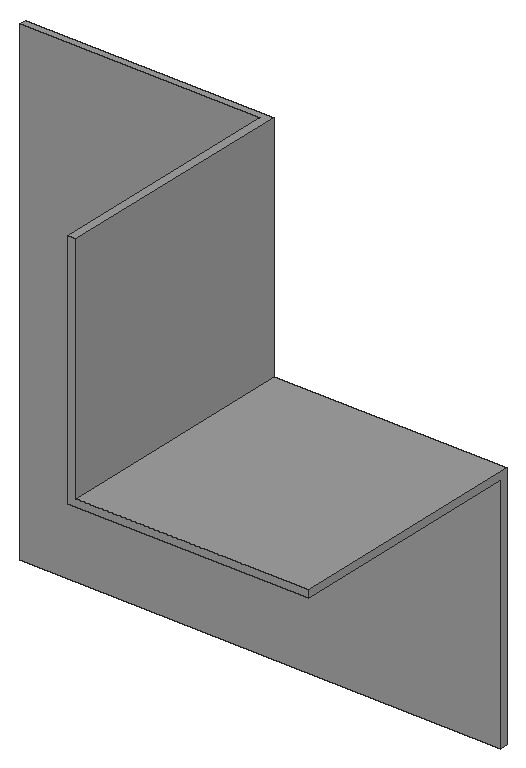
Revit family "Flashing_Preformed_Hyload_Type-W1", category Generic Models, Revit 2013
Parameters (values of type "As Specified")
  Unit Width = 0' - 7 1/8"
  Unit Height = 0' - 2"
  Unit Depth = 0' - 6"
  URL = "http://www.hyload.com/"
  Thickness = 0' - 0 1/16"
  Specification = "http://www.arcat.com/sdspecs/htm04/07_65_00hyl.htm"
  Sales Information = "http://www.hyload.com/contact-us"
  Revision = "R1_12-2015"
  Product Properties = "http://www.hyload.com/masonry-flashing/preformed-shapes/"
  Product Data = "http://www.arcat.com/arcatcos/cos33/arc33176.html"
  Model = "Type W1"
  Manufacturer Website = "http://www.hyload.com/"
  Manufacturer Phone - Toll Free = "800-457-4056"
  Manufacturer Phone = "330-769-3546"
  Manufacturer Fax = "330-769-4153"
  Manufacturer Address = "5020 Panther Pkwy., Seville, OH 44273"
  Manufacturer = "Hyload"
  Keynote = "07 65 00"
  Flashing Material = Hyload Flashing Membrane - Grey
  Drawn By = "Robert S. Weygant / Sumex Design"
  Description = "Preformed Hyload Masonry Flashing - Type W1"
  Copyright = "(c) ARCAT, Inc, 2015"
  Construction Details = "http://www.arcat.com/details/hyload/hyload.html?coid=33176"
  Assembly Code = "B3010400"
Reference planes (in)
  plane 1 "Center (Front/Back)": y = 0
  plane 2: z = 0
  plane 3 "Center (Left/Right)": x = 0
  plane 4: x = 2
  plane 5: z = 2
  plane 6: y = -2
  plane 7: z = 4
Forms (in)
  Sweep 1, solid, material "Hyload Flashing Membrane - Grey" <- "Flashing Material"
    path origin (0, 0, 0) x (1, 0, 0) y (0, 0, 1)
      loop
        line (2, 2) -> (0, 2) -> (0, 4)
    profile origin (1, 0, 2) x (0, 0, -1) y (0, -1, 0)
      loop
        line (0, 0) -> (0, 2) -> (-0.0625, 2) -> (-0.0625, -0.0625) -> (2, -0.0625) -> (2, 0) -> (0, 0)
Dimensions and locks (in)
  "Unit Height": plane 5 to level
  plane 1 "Center (Front/Back)" to plane 6 = 0' - 2"
  plane 7 to level = 0' - 4"
  plane 4 to plane 3 "Center (Left/Right)" = 0' - 2"
  "Thickness": Sweep 1 sketch curve to plane 5
  "Thickness": Sweep 1 sketch curve to plane 1 "Center (Front/Back)"
  aligned and locked: plane 2 to level
  aligned and locked: plane 3 "Center (Left/Right)" to Sweep 1 sketch curve
  aligned and locked: plane 5 to Sweep 1 sketch curve  (x2)
  aligned and locked: Sweep 1 sketch curve to plane 6
  aligned and locked: Sweep 1 sketch curve to level
  aligned and locked: plane 7 to Sweep 1 sketch curve
Automatic sketch dimensions
  Sweep 1 sketch curve to plane 1 "Center (Front/Back)" = 0' - 0"
  Sweep 1 sketch curve to plane 4 = 0' - 0"
